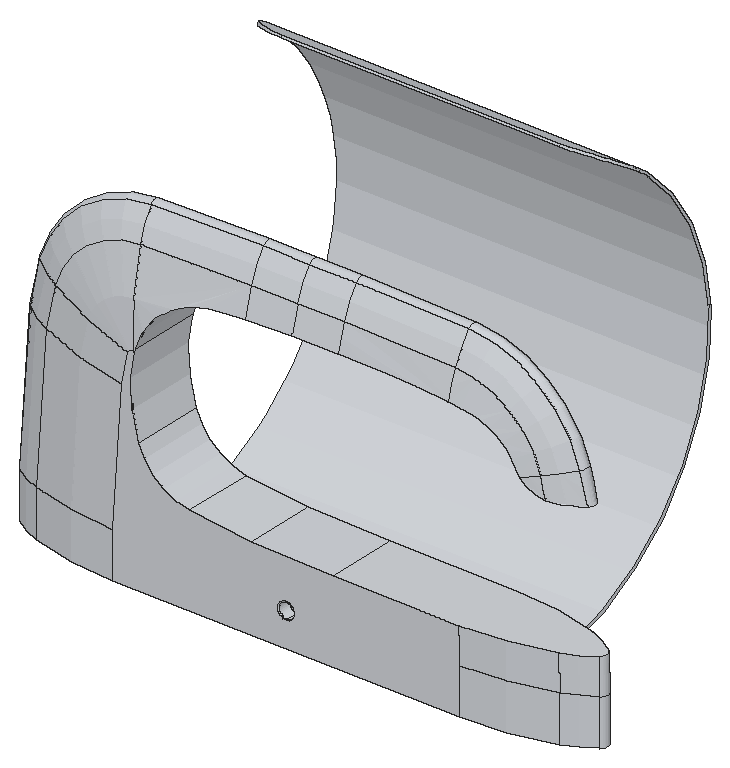
Revit family "Accessory-Tissue_Holder-KOHLER-AIRFOIL-K-37067T_1", category Specialty Equipment, host Face, Revit 2017
Family settings
  Host = Face
  Round Connector Dimension = Use Diameter
  Part Type = Normal
  OmniClass Number = 23.31.25.21
  OmniClass Title = Toilet Paper Dispensers
  Cut with Voids When Loaded = No
  Shared = No
  Room Calculation Point = No
Parameters (values of type "CP-Polished Chrome")
  Width = 7.44094"  # constant formula
  WaterSense Certified = 1 = 0  # no
  URL = "http://www.kohler.com.cn/"
  Type = 1
  Product Page URL = "https://www.kohler.com.cn/product/K-37067T-CP/K-37067T-CP/"
  Product Name = "AIRFOIL"  # constant formula
  Product Documentation Link = "https://files.kohler.com.cn/pdfs/k_37062t_1.pdf"
  Model = "K-37067T-CP"  # constant formula
  Material = "Brass construction "  # constant formula
  Master Format 2014 Name = "Toilet, Bath, and Laundry Accessories"  # constant formula
  Master Format 2014 = "10 28 00"  # constant formula
  Manufacturer Address = "Kohler Beijing Office (100016) 36-2-03-B, No. 88, Liuxiang Road, Beijing"  # constant formula
  Manufacturer = "KOHLER Co."  # constant formula
  Length = 5.94488"  # constant formula
  Height = 3.07087"  # constant formula
  Finish = Kohler-Metal-CP-Polished_Chrome
  Environmental Product Declaration = ""
  Description = "Toilet Paper Holder (with cover)"  # constant formula
  Default Elevation = 42"
  Declare Label = ""
  Date Modified = "04/21/2021"  # constant formula
  Date Created = "04/21/2021"  # constant formula
  Copyright = "Copyright KOHLER Co."  # constant formula
  Contact Us = "http://www.kohler.com.cn/contact/contact-us/"
  Assembly Code = "C1030200"
  ADA Compliant = 1 = 0  # no
Reference planes (in)
  plane 1 "Center (Front/Back)": y = 0
  plane 2: z = 0
  plane 3 "Center (Left/Right)": x = 0
  plane 4: x = 3.72047
  plane 5: x = -3.72047
  plane 6: y = 0.45276
  plane 7: y = -0.45276
  plane 8: x = -1.79134
  plane 9: z = 4.25197
  plane 10: x = 2.93307
  plane 11: y = 2.61811
  plane 12: z = 5.94488
Dimensions and locks (in)
  "Width": plane 5 to plane 4
  "Height": plane 7 to plane 11
  plane 8 to plane 10 = 4.72441"
  plane 7 to plane 6 = 0.90551"
  "Length": plane 12 to level
  plane 9 to level = 4.25197"
  aligned and locked: plane 2 to host face
  aligned and locked: level to host face
Automatic sketch dimensions
  host sketch curve to host sketch curve = 96"  (x2)
Nested families (in)
  nested 1: "K-37067T" at (0, 0, 0), type "K-37067T"
Definition of nested family "K-37067T"
  Parameters (values of type "K-37067T")
    material = none
  Reference planes (in)
    plane 1 "Center (Front/Back)": y = 0
    plane 2: z = 0
    plane 3 "Center (Left/Right)": x = 0
    plane 4: y = 0.45276
    plane 5: y = -0.45276
    plane 6: y = 2.61811
    plane 7: x = -3.72047
    plane 8: x = 3.72047
    plane 9: x = 2.93307
    plane 10: x = -1.79134
    plane 11: z = 5.94488
    plane 12: z = 4.25197
    plane 13 "A": through (0, 0.97572, 5.93084) normal (0, 0.454, 0.891)
  Forms (in)
    Sweep 1, solid, material <- "material", detail levels medium+fine
      path origin (0, 0, 0) x (1, 0, 0) y (0, 0, 1)
        loop
          line (-3.72047, 0) -> (-3.72047, 0.59055)
          arc (-3.72047, 0.59055) -> (-3.68786, 1.54703) -> (-3.59018, 2.49906) r 14.04298
          arc (-3.59018, 2.49906) -> (-3.53895, 2.79359) -> (-3.46673, 3.08369) r 4.16644
          arc (-3.46673, 3.08369) -> (-2.92663, 3.88661) -> (-2.01898, 4.22212) r 1.5748
          arc (-2.01898, 4.22212) -> (-1.30492, 4.24451) -> (-0.59055, 4.25197) r 34.19905
          line (-0.59055, 4.25197) -> (0, 4.25197) -> (0.59055, 4.25197)
          arc (0.59055, 4.25197) -> (1.30492, 4.24451) -> (2.01898, 4.22212) r 34.19905
          arc (2.01898, 4.22212) -> (2.92663, 3.88661) -> (3.46673, 3.08369) r 1.5748
          arc (3.46673, 3.08369) -> (3.53895, 2.79359) -> (3.59018, 2.49906) r 4.16644
          arc (3.59018, 2.49906) -> (3.68786, 1.54703) -> (3.72047, 0.59055) r 14.04298
          line (3.72047, 0.59055) -> (3.72047, 0)
      profile origin (-3.72047, 0, 0) x (-1, 0, 0) y (0, -1, 0)
        loop
          line (-1.55512, -0.45276) -> (-1.5169, -0.45276)
          arc (-1.5169, -0.45276) -> (-0.95166, -0.40594) -> (-0.40183, -0.26677) r 3.4357
          arc (-0.40183, -0.26677) -> (-0.21209, -0.18474) -> (-0.03731, -0.07437) r 1.3339
          arc (-0.03731, -0.07437) -> (0, 0) -> (-0.03731, 0.07437) r 0.09277
          arc (-0.03731, 0.07437) -> (-0.21209, 0.18474) -> (-0.40183, 0.26677) r 1.3339
          arc (-0.40183, 0.26677) -> (-0.95166, 0.40594) -> (-1.5169, 0.45276) r 3.4357
          line (-1.5169, 0.45276) -> (-1.55512, 0.45276) -> (-1.55512, -0.45276)
    Extrusion 2, solid, material <- "material", detail levels medium+fine
      sketch origin (0, 0, 0) x (1, 0, 0) y (0, 0, 1)
        loop
          line (-2.17717, 0) -> (2.17717, 0) -> (2.17717, 0.59055)
          arc (2.17717, 0.59055) -> (2.14814, 1.44191) -> (2.06119, 2.28932) r 12.49967
          arc (2.06119, 2.28932) -> (2.02657, 2.48587) -> (1.9771, 2.67921) r 2.62314
          arc (1.9771, 2.67921) -> (1.28398, 2.7013) -> (0.59055, 2.70866) r 32.65575
          line (0.59055, 2.70866) -> (-0.59055, 2.70866)
          arc (-0.59055, 2.70866) -> (-1.28398, 2.7013) -> (-1.9771, 2.67921) r 32.65575
          arc (-1.9771, 2.67921) -> (-2.02657, 2.48587) -> (-2.06119, 2.28932) r 2.62314
          arc (-2.06119, 2.28932) -> (-2.14814, 1.44191) -> (-2.17717, 0.59055) r 12.49967
          line (-2.17717, 0.59055) -> (-2.17717, 0)
      from -0.45276 to 0.45276
    Extrusion 3, void
      sketch origin (0, 0, 0) x (1, 0, 0) y (0, 0, 1)
        loop
          line (4.11417, 1.04064) -> (4.11417, 2.69419) -> (3.29264, 2.69419)
          arc (3.29264, 2.69419) -> (3.01754, 2.77464) -> (2.82913, 2.99065) r 0.51058
          arc (2.82913, 2.99065) -> (2.57455, 3.30199) -> (2.20106, 3.45115) r 0.80429
          arc (2.20106, 3.45115) -> (1.70764, 3.49912) -> (1.21222, 3.51707) r 8.16963
          arc (1.21222, 3.51707) -> (0.89593, 3.52002) -> (0.57967, 3.52515) r 45.80899
          arc (0.57967, 3.52515) -> (-0.23458, 3.51945) -> (-1.04737, 3.47033) r 15.2597
          arc (-1.04737, 3.47033) -> (-1.59207, 3.24579) -> (-1.91094, 2.75037) r 0.98425
          arc (-1.91094, 2.75037) -> (-1.97299, 2.21739) -> (-1.87264, 1.69027) r 1.77165
          arc (-1.87264, 1.69027) -> (-1.62832, 1.33385) -> (-1.23892, 1.14652) r 0.83806
          arc (-1.23892, 1.14652) -> (-0.84772, 1.08763) -> (-0.45317, 1.0588) r 5.17583
          arc (-0.45317, 1.0588) -> (0.06946, 1.04518) -> (0.59224, 1.04064) r 30.10988
          line (0.59224, 1.04064) -> (4.11417, 1.04064)
      from -0.81445 to 1.17869
    Revolve 4, void
      sketch origin (0, 0, 0) x (0, 1, 0) y (0, 0, 1)
        loop
          line (-0.28687, 0.43307) -> (-0.28687, 0.53031) -> (-0.44102, 0.53031) -> (-0.47494, 0.56423) -> (-0.47494, 0.43307) -> (-0.28687, 0.43307)
        axis (-0.28687, 0.43307) -> (-0.47494, 0.43307)
      angle from 0 to 360
    Extrusion 5, void
      sketch origin (0, 0, 0) x (1, 0, 0) y (0, 0, 1)
        loop
          line (0.03409, 0.49213) -> (-0.03411, 0.49213) -> (-0.0682, 0.43307) -> (-0.03411, 0.37402) -> (0.03409, 0.37402) -> (0.06818, 0.43307) -> (0.03409, 0.49213)
      from 0.27569 to 0.45276
    Extrusion 6, solid, material <- "material", detail levels medium+fine
      sketch origin (0, 0, 0) x (0, 1, 0) y (0, 0, 1)
        loop
          arc (0.37069, 0.67741) -> (2.59973, 3.08767) -> (0.98288, 5.94488) r 2.78371
          line (0.98288, 5.94488) -> (0.96856, 5.91679)
          arc (0.96856, 5.91679) -> (2.56888, 3.09509) -> (0.37069, 0.70952) r 2.75222
          line (0.37069, 0.70952) -> (0.37069, 0.67741)
      from -1.79134 to 2.93307
    Extrusion 7, void
      sketch origin (0, 2.60018, 5.10313) x (0, 0.891007, -0.45399) y (-1, 0, 0)
        loop
          line (-1.82317, -2.17849) -> (-2.15746, -2.17849) -> (-2.15746, -3.28573) -> (-1.08899, -3.28573) -> (-1.08899, -2.93307) -> (-1.23262, -2.93307)
          arc (-1.23262, -2.93307) -> (-1.6502, -2.7601) -> (-1.82317, -2.34252) r 0.59055
          line (-1.82317, -2.34252) -> (-1.82317, -2.17849)
        loop
          line (-1.82317, 1.03676) -> (-1.82317, 1.20079)
          arc (-1.82317, 1.20079) -> (-1.6502, 1.61837) -> (-1.23262, 1.79134) r 0.59055
          line (-1.23262, 1.79134) -> (-1.08899, 1.79134) -> (-1.08899, 2.144) -> (-2.15746, 2.144) -> (-2.15746, 1.03676) -> (-1.82317, 1.03676)
      from -1.2224 to 1.17856
    Extrusion 8, solid, material <- "material", detail levels coarse
      sketch origin (8.99814, 0, 2.50465) x (1, 0, 0) y (0, 1, 0)
        loop
          line (-12.71862, 0.45276) -> (-12.71862, -0.45276) -> (-5.27767, -0.45276) -> (-5.27767, 0.45276) -> (-12.71862, 0.45276)
      from -2.50465 to 1.74732
    Extrusion 9, solid, material <- "material", detail levels coarse
      sketch origin (0, 0, 0) x (0, 1, 0) y (0, 0, 1)
        loop
          arc (0.35553, 0.67448) -> (2.59882, 3.08) -> (0.98288, 5.94488) r 2.78371
          line (0.98288, 5.94488) -> (0.92326, 5.88526)
          arc (0.92326, 5.88526) -> (2.52319, 3.11152) -> (0.35553, 0.75468) r 2.70497
          line (0.35553, 0.75468) -> (0.35553, 0.67448)
      from -1.79134 to 2.93307
  Cuts and joins
    Extrusion 3, Revolve 4, Extrusion 5 cuts Sweep 1
    Extrusion 3, Revolve 4, Extrusion 5 cuts Extrusion 2
    Extrusion 7 cuts Extrusion 6
    joined: Sweep 1, Extrusion 2, Extrusion 6
    Extrusion 3 cuts Extrusion 8
    joined: Extrusion 8, Extrusion 9
  Lines and regions (in)
    Masking region 1
      outline origin (8.99814, 0, 2.50465) x (1, 0, 0) y (0, 1, 0)
        loop
          arc (-10.78948, 0.43157) -> (-11.03387, 0.41677) -> (-11.27799, 0.39809) r 15.38121
          arc (-11.27799, 0.39809) -> (-11.67785, 0.35906) -> (-12.07657, 0.30967) r 15.48483
          arc (-12.07657, 0.30967) -> (-12.34356, 0.24938) -> (-12.59632, 0.14434) r 1.59564
          arc (-12.59632, 0.14434) -> (-12.65632, 0.10267) -> (-12.70388, 0.04724) r 0.2877
          arc (-12.70388, 0.04724) -> (-12.71945, 0) -> (-12.70388, -0.04724) r 0.07946
          arc (-12.70388, -0.04724) -> (-12.65632, -0.10267) -> (-12.59632, -0.14434) r 0.2877
          arc (-12.59632, -0.14434) -> (-12.34356, -0.24938) -> (-12.07657, -0.30967) r 1.59564
          arc (-12.07657, -0.30967) -> (-11.67785, -0.35906) -> (-11.27799, -0.39809) r 15.48483
          arc (-11.27799, -0.39809) -> (-10.63077, -0.43908) -> (-9.98239, -0.45276) r 15.38121
          line (-9.98239, -0.45276) -> (-8.01389, -0.45276)
          arc (-8.01389, -0.45276) -> (-7.36552, -0.43908) -> (-6.7183, -0.39809) r 15.38121
          arc (-6.7183, -0.39809) -> (-6.31843, -0.35906) -> (-5.91971, -0.30967) r 15.48483
          arc (-5.91971, -0.30967) -> (-5.65272, -0.24938) -> (-5.39997, -0.14434) r 1.59564
          arc (-5.39997, -0.14434) -> (-5.33997, -0.10267) -> (-5.2924, -0.04724) r 0.2877
          arc (-5.2924, -0.04724) -> (-5.27683, 0) -> (-5.2924, 0.04724) r 0.07946
          arc (-5.2924, 0.04724) -> (-5.33997, 0.10267) -> (-5.39997, 0.14434) r 0.2877
          arc (-5.39997, 0.14434) -> (-5.65272, 0.24938) -> (-5.91971, 0.30967) r 1.59564
          arc (-5.91971, 0.30967) -> (-5.99237, 0.31945) -> (-6.06507, 0.32889) r 15.48483
          line (-6.06507, 0.32889) -> (-6.06507, 2.61811) -> (-10.78948, 2.61811) -> (-10.78948, 0.43157)
    Masking region 2
      outline origin (0, 0, 0) x (1, 0, 0) y (0, 0, 1)
        loop
          line (-3.72047, 0) -> (3.72047, 0) -> (3.72047, 0.59055)
          arc (3.72047, 0.59055) -> (3.71917, 0.78145) -> (3.71528, 0.97231) r 14.04298
          arc (3.71528, 0.97231) -> (3.69962, 1.02019) -> (3.65358, 1.04064) r 0.06203
          line (3.65358, 1.04064) -> (2.93307, 1.04064) -> (2.93307, 2.84191)
          arc (2.93307, 2.84191) -> (3.09828, 2.73256) -> (3.29264, 2.69419) r 0.51149
          line (3.29264, 2.69419) -> (3.49556, 2.69419)
          arc (3.49556, 2.69419) -> (3.5275, 2.70115) -> (3.55365, 2.72078) r 0.07674
          arc (3.55365, 2.72078) -> (3.46281, 3.09725) -> (3.33742, 3.46365) r 4.16644
          arc (3.33742, 3.46365) -> (3.17242, 3.75329) -> (2.93307, 3.98529) r 1.1811
          line (2.93307, 3.98529) -> (2.93307, 5.64495)
          spline (2.93307, 5.64495) -> (2.92802, 5.69046) -> (2.91315, 5.73299) -> (2.88854, 5.77239) -> (2.8545, 5.80837) -> (2.81168, 5.8405) -> (2.76074, 5.86838) -> (2.70261, 5.8919) -> (2.63832, 5.91108) -> (2.56885, 5.92593) -> (2.49555, 5.93648) -> (2.42003, 5.94276) -> (2.34252, 5.94488)
          line (2.34252, 5.94488) -> (2.17849, 5.94488) -> (-1.03676, 5.94488) -> (-1.20079, 5.94488)
          spline (-1.20079, 5.94488) -> (-1.27855, 5.94274) -> (-1.35412, 5.93645) -> (-1.42704, 5.92592) -> (-1.49642, 5.91108) -> (-1.56086, 5.8919) -> (-1.61903, 5.86836) -> (-1.66994, 5.84052) -> (-1.71279, 5.80848) -> (-1.74684, 5.77243) -> (-1.77149, 5.73281) -> (-1.78634, 5.69032) -> (-1.79134, 5.64495)
          line (-1.79134, 5.64495) -> (-1.79134, 4.23088)
          arc (-1.79134, 4.23088) -> (-2.04465, 4.22104) -> (-2.29789, 4.20932) r 34.19905
          arc (-2.29789, 4.20932) -> (-2.92735, 3.98942) -> (-3.33742, 3.46365) r 1.1811
          arc (-3.33742, 3.46365) -> (-3.49276, 2.98895) -> (-3.59018, 2.49906) r 4.16644
          arc (-3.59018, 2.49906) -> (-3.68786, 1.54703) -> (-3.72047, 0.59055) r 14.04298
          line (-3.72047, 0.59055) -> (-3.72047, 0)
        loop
          arc (-1.79134, 3.01954) -> (-1.86126, 2.88946) -> (-1.91094, 2.75037) r 0.98425
          arc (-1.91094, 2.75037) -> (-1.97299, 2.21739) -> (-1.87264, 1.69027) r 1.77165
          arc (-1.87264, 1.69027) -> (-1.83666, 1.60418) -> (-1.79134, 1.52263) r 0.83806
          line (-1.79134, 1.52263) -> (-1.79134, 3.01954)
    Masking region 3
      outline origin (0, 0, 0) x (0, 1, 0) y (0, 0, 1)
        loop
          line (0.45276, 0) -> (0.45276, 0.69481)
          arc (0.45276, 0.69481) -> (2.60425, 3.12936) -> (0.98288, 5.94488) r 2.78371
          line (0.98288, 5.94488) -> (0.96988, 5.91619)
          arc (0.96988, 5.91619) -> (2.57516, 3.15578) -> (0.49123, 0.73628) r 2.75222
          arc (0.49123, 0.73628) -> (0.46465, 0.742) -> (0.45276, 0.76644) r 0.03106
          line (0.45276, 0.76644) -> (0.45276, 0.98425)
          arc (0.45276, 0.98425) -> (0.44181, 1.06598) -> (0.43649, 1.14826) r 1.20521
          arc (0.43649, 1.14826) -> (0.40034, 2.1464) -> (0.35271, 3.14405) r 86.77524
          arc (0.35271, 3.14405) -> (0.33378, 3.36511) -> (0.30076, 3.5845) r 3.46989
          arc (0.30076, 3.5845) -> (0.24275, 3.83553) -> (0.16203, 4.08021) r 2.81658
          arc (0.16203, 4.08021) -> (0.11676, 4.16361) -> (0.05201, 4.23298) r 0.3751
          arc (0.05201, 4.23298) -> (-0.00061, 4.25197) -> (-0.05322, 4.23298) r 0.08236
          arc (-0.05322, 4.23298) -> (-0.11757, 4.16368) -> (-0.16203, 4.08021) r 0.36629
          arc (-0.16203, 4.08021) -> (-0.24275, 3.83553) -> (-0.30076, 3.5845) r 2.81658
          arc (-0.30076, 3.5845) -> (-0.33378, 3.36511) -> (-0.35271, 3.14405) r 3.46989
          arc (-0.35271, 3.14405) -> (-0.40034, 2.1464) -> (-0.43649, 1.14826) r 86.77524
          arc (-0.43649, 1.14826) -> (-0.44181, 1.06598) -> (-0.45276, 0.98425) r 1.20521
          line (-0.45276, 0.98425) -> (-0.45276, 0) -> (0.45276, 0)
    symbolic lines, detail levels medium+fine
      curve 1: line (-1.79134, 1.49284, 2.50465) -> (-1.20079, 0.98288, 2.50465)
      curve 2: line (-1.20079, 0.96856, 2.50465) -> (-1.79134, 1.47834, 2.50465)
      curve 3: line (2.34252, 0.98288, 2.50465) -> (-1.20079, 0.98288, 2.50465)
      curve 4: line (-1.20079, 0.96856, 2.50465) -> (2.34252, 0.96856, 2.50465)
      curve 5: line (2.93307, 1.49284, 2.50465) -> (2.34252, 0.98288, 2.50465)
      curve 6: line (2.34252, 0.96856, 2.50465) -> (2.93307, 1.47834, 2.50465)
      curve 7: arc (3.52071, -0.07435, 2.50465) -> (3.55865, 0, 2.50465) -> (3.52071, 0.07435, 2.50465) r 0.09182
      curve 8: arc (3.52071, 0.07435, 2.50465) -> (3.34335, 0.17714, 2.50465) -> (3.14887, 0.24192, 2.50465) r 1.00801
      curve 9: arc (3.14887, 0.24192, 2.50465) -> (3.01799, 0.26537, 2.50465) -> (2.88559, 0.27765, 2.50465) r 1.56773
      curve 10: arc (2.88559, 0.27765, 2.50465) -> (2.15993, 0.30129, 2.50465) -> (1.43388, 0.29959, 2.50465) r 20.8056
      curve 11: arc (1.43388, 0.29959, 2.50465) -> (0.19617, 0.28877, 2.50465) -> (-1.04149, 0.30526, 2.50465) r 56.0853
      curve 12: arc (-1.04149, 0.30526, 2.50465) -> (-1.38393, 0.31892, 2.50465) -> (-1.72578, 0.34319, 2.50465) r 11.04945
      curve 13: arc (-1.72578, 0.34319, 2.50465) -> (-1.87154, 0.36033, 2.50465) -> (-2.01598, 0.38638, 2.50465) r 2.39277
      curve 14: arc (-2.01598, 0.38638, 2.50465) -> (-2.03441, 0.39694, 2.50465) -> (-2.04323, 0.41626, 2.50465) r 0.03468
      curve 15: arc (3.52076, -0.07431, 2.50465) -> (3.34338, -0.17713, 2.50465) -> (3.14887, -0.24192, 2.50465) r 1.00801
      curve 16: arc (3.14887, -0.24192, 2.50465) -> (3.01799, -0.26537, 2.50465) -> (2.88559, -0.27765, 2.50465) r 1.56773
      curve 17: arc (2.88559, -0.27765, 2.50465) -> (2.15993, -0.30129, 2.50465) -> (1.43388, -0.29959, 2.50465) r 20.8056
      curve 18: arc (1.43388, -0.29959, 2.50465) -> (0.19617, -0.28877, 2.50465) -> (-1.04149, -0.30526, 2.50465) r 56.0853
      curve 19: arc (-1.04149, -0.30526, 2.50465) -> (-1.38393, -0.31892, 2.50465) -> (-1.72578, -0.34319, 2.50465) r 11.04945
      curve 20: arc (-1.72578, -0.34319, 2.50465) -> (-1.87154, -0.36033, 2.50465) -> (-2.01598, -0.38638, 2.50465) r 2.39277
      curve 21: arc (-2.01598, -0.38638, 2.50465) -> (-2.03441, -0.39694, 2.50465) -> (-2.04323, -0.41626, 2.50465) r 0.03468
      curve 22: line (-0.98425, 0.45276, 2.50465) -> (0.98425, 0.45276, 2.50465)
      curve 23: arc (0.98425, 0.45276, 2.50465) -> (1.63262, 0.43908, 2.50465) -> (2.27984, 0.39809, 2.50465) r 15.38121
      curve 24: arc (2.27984, 0.39809, 2.50465) -> (2.60682, 0.36696, 2.50465) -> (2.93307, 0.32889, 2.50465) r 15.48483
      curve 25: arc (-1.79134, 0.43157, 2.50465) -> (-1.38793, 0.44746, 2.50465) -> (-0.98425, 0.45276, 2.50465) r 15.38121
      curve 26: line (2.93307, 0, 2.84228) -> (2.93307, 0, 3.98529)
      curve 27: line (-1.79134, 0, 3.01954) -> (-1.79134, 0, 4.23088)
      curve 28: line (-1.79134, 0, 0.69481) -> (2.20314, 0, 0.69481)
      curve 29: spline (2.20314, 0, 0.69481) -> (2.26445, 0, 0.69452) -> (2.32574, 0, 0.69402) -> (2.38699, 0, 0.69333) -> (2.44818, 0, 0.69244) -> (2.50929, 0, 0.69134) -> (2.57029, 0, 0.69005) -> (2.63118, 0, 0.68856) -> (2.69192, 0, 0.68687) -> (2.7525, 0, 0.68498) -> (2.8129, 0, 0.6829) -> (2.8731, 0, 0.68061) -> (2.93307, 0, 0.67814)
      curve 30: line (2.93307, 0, 1.04064) -> (2.93307, 0, 0.67814)
      curve 31: line (-1.79134, 0, 1.52263) -> (-1.79134, 0, 0.69481)
      curve 32: line (-3.70574, 0.04724, 2.50465) -> (3.54556, 0.04724, 2.50465)
      curve 33: line (-3.70574, -0.04724, 2.50465) -> (3.54556, -0.04724, 2.50465)
      curve 34: line (0, 0.45276, 0.69481) -> (0, 0.45276, 0.76644)
      curve 35: line (0, 0.05201, 4.23298) -> (0, 0.05201, 0)
      curve 36: line (0, -0.05201, 4.23298) -> (0, -0.05201, 0)
      curve 37: line (3.65358, 0, 1.04064) -> (2.93307, 0, 1.04064)
      curve 38: line (3.71132, 0, 1.00127) -> (2.93307, 0, 1.00127)
      curve 39: arc (-1.90975, 0, 1.67713) -> (-1.85871, 0, 1.56056) -> (-1.79134, 0, 1.4526) r 0.87743
      curve 40: arc (-1.9489, 0, 2.76079) -> (-2.01234, 0, 2.21596) -> (-1.90975, 0, 1.67713) r 1.81102
      curve 41: arc (-1.79134, 0, 3.08953) -> (-1.88487, 0, 2.93223) -> (-1.9489, 0, 2.76079) r 1.02362
      curve 42: arc (3.29264, 0, 2.73356) -> (3.09448, 0, 2.77725) -> (2.93307, 0, 2.90023) r 0.47121
      curve 43: line (3.29264, 0, 2.73356) -> (3.49556, 0, 2.73356)
      curve 44: arc (3.49556, 0, 2.73356) -> (3.52538, 0, 2.74302) -> (3.54429, 0, 2.76793) r 0.05172
  Dimensions and locks (in)
    plane 4 to plane 5 = 0.90551"
    plane 6 to plane 5 = 3.07087"
    plane 7 to plane 8 = 7.44094"
    plane 10 to plane 9 = 4.72441"
    plane 12 to level = 4.25197"
    plane 11 to level = 5.94488"
    aligned and locked: plane 2 to level
